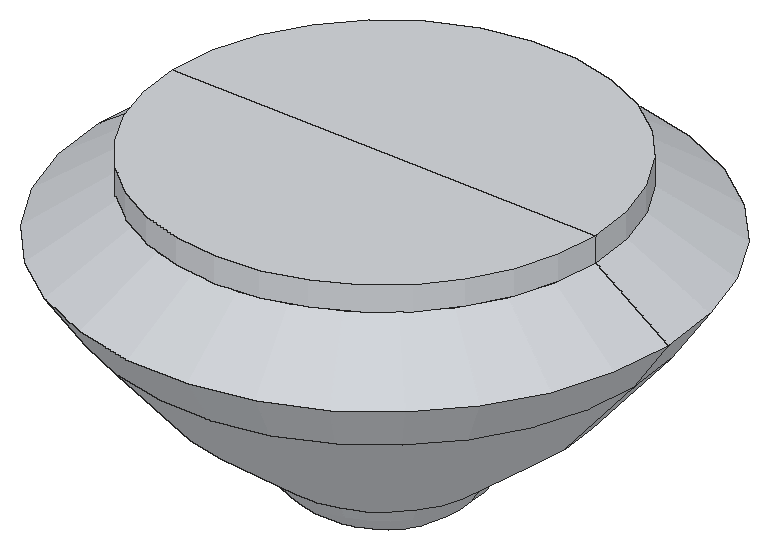
Revit family "IQ8Quad detektor med alarmorgan", category Fire Alarm Devices, Revit 2013
Parameters (values of type "Type 1")
  Montering tekst synlig [instance] = no
  Montering [instance] = "HIM"
  Material = none
  Height = 65 mm
  Diameter = 117 mm
  Symbol Positive Direction [instance] = yes
  Symbol Offset Side [instance] = 0 mm
  Symbol Offset Out [instance] = 0 mm
Reference planes
  plane 1 "Center (Front/Back)": y = 0
  plane 2: z = 0
  plane 3 "Center (Left/Right)": x = 0
  plane 4: z = -65
  plane 5: x = 58.5
  plane 6: x = -58.5
  plane 7: z = -25
  plane 8: z = -5
  plane 9: z = -15
  plane 10: z = -55
Forms (mm)
  Revolve 1, solid, material <- "Material"
    sketch origin (0, 0, 0) x (1, 0, 0) y (0, 0, 1)
      loop
        line (0, 0) -> (0, -65) -> (2.78, -65)
        arc (2.78, -65) -> (12.737, -62.319) -> (20, -55) r 19.826
        arc (20, -55) -> (37.248, -41.573) -> (51.5, -25) r 109.99
        line (51.5, -25) -> (58.5, -15) -> (43.5, -5) -> (43.5, 0) -> (0, 0)
      axis (0, 0) -> (0, -65)
    angle from 0 to 360
Dimensions and locks
  "Height": plane 2 to plane 4
  "Diameter": plane 5 to plane 6
  equal spacing: plane 6, plane 3 "Center (Left/Right)", plane 5
  plane 2 to plane 8 = 5 mm
  locked: plane 5 to Revolve 1 sketch curve at 15
  plane 8 to plane 7 = 20 mm
  locked: plane 2 to plane 9 at 15
  locked: plane 10 to plane 4 at 10
  locked: plane 5 to Revolve 1 sketch curve at 7
  aligned and locked: level to plane 2
  aligned and locked: Revolve 1 sketch curve to plane 3 "Center (Left/Right)"  (x2)
  aligned and locked: Revolve 1 sketch curve to level
  aligned and locked: plane 3 "Center (Left/Right)" to nested 1
  aligned and locked: plane 1 "Center (Front/Back)" to nested 1
  aligned and locked: Revolve 1 sketch curve to plane 4
  aligned and locked: plane 4 to Revolve 1 sketch curve
  aligned and locked: plane 8 to Revolve 1 sketch curve
  aligned and locked: plane 9 to Revolve 1 sketch curve
  aligned and locked: plane 5 to Revolve 1 sketch curve
  aligned and locked: plane 7 to Revolve 1 sketch curve
Automatic sketch dimensions
  Revolve 1 sketch curve to plane 10 = 0 mm
  Revolve 1 sketch curve to plane 6 = 19.893 mm
  Revolve 1 sketch curve to Revolve 1 sketch curve = 17.22 mm
  Revolve 1 sketch curve to plane 4 = 208.015 mm
  Revolve 1 sketch curve to Revolve 1 sketch curve = 2127.479 mm
  plane 3 "Center (Left/Right)" to Revolve 1 sketch curve = 2.78 mm
Nested families
  nested 1: "Branndetektor!S" at (0, 0, 0), type "Type 1"
Connectors
  electrical at (0, 0, 0)
    settings: index 1, voltage 0 V, apparent load 0 VA, apparent load phase1 0 VA, apparent load phase2 0 VA, apparent load phase3 0 VA, power factor 1, load classification "Other", number of poles 1, system type 11, power factor state 1, is connector primary yes, connector utility no, sub classification motor no, connector description ""
Definition of nested family "Branndetektor!S"
  Parameters (values of type "Type 1")
    Montering tekst synlig = no
    Montering = "HIM"
    CQ Symbol Positive Direction = yes
    CQ Symbol Negative Direction = not(CQ Symbol Positive Direction)  # no
    CQ Symbol Offset Side = 0 mm
    CQ Symbol Offset Out = 0 mm
  Reference planes
    plane 1: y = 0
    plane 2: x = 0
  Dimensions and locks
    "CQ Symbol Offset Side": nested 2 to plane 2
    "CQ Symbol Offset Side": plane 2 to nested 1
    "CQ Symbol Offset Out": plane 1 to nested 1
    "CQ Symbol Offset Out": plane 1 to nested 2
  Nested families
    nested 1: "Branndetektor!Sub" at (0, 0, 0), visible <- "CQ Symbol Positive Direction", type "Type1"
    nested 2: "Branndetektor!Sub" at (0, 0, 0), visible <- "CQ Symbol Negative Direction", type "Type1"
  Definition of nested family "Branndetektor!Sub"
    Parameters (values of type "Type1")
      Montering tekst synlig (default) = no
      Montering = "HIM"
    Reference planes
      plane 1: y = 0
      plane 2: x = 0
    Lines and regions (mm)
      detail lines
        curve 1: line (-2.5, -2.5, 0) -> (2.5, -2.5, 0)
        curve 2: line (2.5, -2.5, 0) -> (2.5, 2.5, 0)
        curve 3: line (2.5, 2.5, 0) -> (-2.5, 2.5, 0)
        curve 4: line (-2.5, 2.5, 0) -> (-2.5, -2.5, 0)
      detail lines, style "Fire Alarm"
        curve 5: circle (-1.25, -1.5, 0) r 0.25 normal (0, 0, 1)
        curve 6: line (-1.25, -0.75, 0) -> (-1, 1.5, 0)
        curve 7: arc (-1, 1.5, 0) -> (-1.25, 1.75, 0) -> (-1.5, 1.5, 0) r 0.25
        curve 8: line (-1.5, 1.5, 0) -> (-1.25, -0.75, 0)
        curve 9: line (-1.25, 0.5, 0) -> (-1.25, 1.5, 0)
        curve 10: line (1, 0.75, 0) -> (0.75, 1.5, 0)
        curve 11: line (0.75, 1.5, 0) -> (0.5, 0.75, 0)
        curve 12: line (0.75, 0.25, 0) -> (0.75, 1.5, 0)
        curve 13: line (0.362, -0.25, 0) -> (1.109, -0.001, 0)
        curve 14: line (1.112, -0.5, 0) -> (0.362, -0.25, 0)
        curve 15: line (0.362, -0.75, 0) -> (1.112, -0.5, 0)
        curve 16: line (1.112, -1, 0) -> (0.362, -0.75, 0)
        curve 17: line (0.75, 0.25, 0) -> (1.109, -0.001, 0)
        curve 18: line (1.112, -1, 0) -> (0.75, -1.244, 0)
        curve 19: line (0.75, -1.244, 0) -> (0.75, -1.744, 0)
        curve 20: line (0.5, 0.75, 0) -> (1, 0.75, 0)
      reference lines
        curve 21: line (-2.5, 0, 0) -> (2.5, 0, 0)
        curve 22: line (0, -2.5, 0) -> (0, 2.5, 0)
      detail lines, style "InvisibleLines"
        curve 23: line (3.5, 3.115, 0) -> (3.5, -6.739, 0)
    Nested families
      nested 1: "txt 1_50" at (3.379, 2.424, 0), visible <- "Montering tekst synlig (default)", type "txt"
    Definition of nested family "txt 1_50"
      Parameters (values of type "txt")
        Type Name = "HIM"
      Reference planes
        plane 1: y = 0
        plane 2: x = 0
      Text (mm)
        label "TXT" at (-0.009, 0, 0), shows "Type Name"
